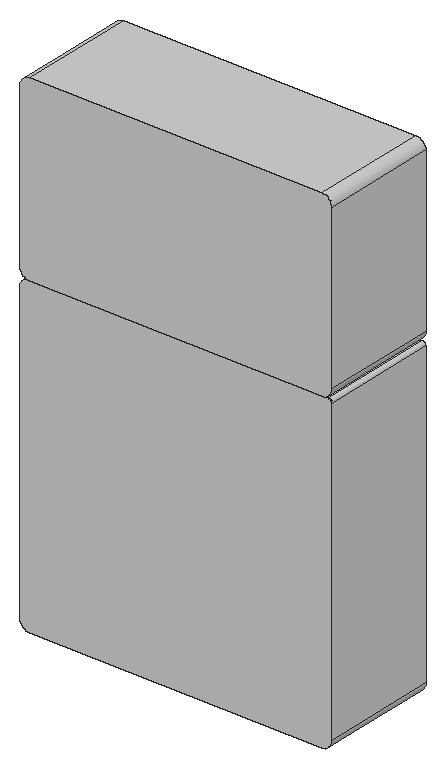
Revit family "Building-IEC309Boards-GEWISS-68QDIN-DISTRIBUTION-BOARD-14MOD_BLANK_DOUBLE", category Attrezzatura elettrica, host Muro, Revit 2016
Family settings
  Host = Muro
  Configurazione quadro = Due colonne, circuiti in orizzontale
  Tipo di parte = Pannello comandi
  Quota connettore circolare = Usa diametro
  Numero OmniClass = 23.80.30.11.17
  Titolo OmniClass = Distribution Boards and Control Panels
  Sempre verticale = Sì
  Taglio con vuoti quando caricato = No
  Condiviso = No
  Punto di calcolo locali = No
Parameters (values of type "GW68007N - Q-DIN 14M.BLIND COV. 510X320X135 IP65")
  potenza = 400 V
  Voltaggio = "400V"
  Vista di pianta [instance] = yes
  Vetro = GEWISS - vetro
  Version type = "Empty"
  Version file RFA = "18.0"
  URL = "https://www.gewiss.com/ww/en"
  Thermo-pressure with ball = "70 °C"
  Technical sheet = "https://www.gewiss.com/ww/en/search?q=GW68007N"
  Struttura = GEWISS - Grigio RAL - 7035
  Simbolo [instance] = yes
  Shock resistance = "IK09"
  SEO = "Board"
  Realized by GEWISS S.p.A. = ""
  Produttore = "GEWISS S.p.A."
  Presa = GEWISS - Grigio RAL - 7035
  Operating temperature: = "-25 +40 °C"
  Offset etichetta nome quadro [instance] = 125 mm
  Numero di poli = 3
  Panel Name [instance] = "NOME"
  No. of provided blank lids = "-"
  No. of modules EN 50022 = "14"
  Modello = "GW68007N"
  Lunghezza = 320 mm
  Insulation class = "II"
  Installation type = "Surface-mounting"
  Immagine tipo = GW68007N.jpg
  IP degree = "IP65"
  IFC.TypeObject = ""
  IFC.ExportType = ""
  IFC.ExportAs = ""
  IDT = "5858c0d8-961a-4254-a97b-2dfffa1f665c"
  IDF = "dbb83824-73e0-496e-9ba5-1c5fa3188cb8"
  Houseable socket = "Blank lid"
  H_da terra = 510 mm
  Glow Wire Test = "650°C"
  Etichetta nome quadro [instance] = yes
  Electrocod = "2242"
  EAN code = "8011564744783"
  Distanza dal muro [instance] = 0 mm
  Dist_Simb_orizz [instance] = 0 mm
  Dispersible power B (W) = "64"
  Dispersible power A (W) = "24"
  Descrizione = "Q-DIN 14M.BLIND COV. 510X320X135 IP65"
  Cornice simbolo [instance] = no
  Colour = "Grey RAL 7035"
  Classificazione carico = Altro
  Catalogue Range = "68 QDIN"
  Catalogue = "BUILDING"
  Carico apparente = 0 VA
  COBie.Tagnumber = ""
  COBie.CreatedOn = ""
  COBie.CreatebBy = ""
  COBie.ComponentRegisterItemID = ""
  COBie.Component.TagNumber = ""
  COBie.Component.Space = ""
  COBie.Component.SerialNumber = ""
  COBie.Component.InstallationDate = ""
  COBie.Component.Description = ""
  COBie.Component.BarCode = ""
  Altezza = 510 mm
  Accordance with Standards = "EN 60208 - EN 60670-1 - IEC 60670-24"
Reference planes
  plane 1 "Muro": y = 0
  plane 2 "Centro (Sinistra/Destra)": x = 125
  plane 3 "Indietro": y = 75
  plane 4: z = 510
  plane 5: y = 200
  plane 6: x = 125
Lines and regions (mm)
  Masking region 1, visible <- "Vista di pianta"
    outline origin (0, 0, 0) x (1, 0, 0) y (0, 1, 0)
      loop
        line (-35, 175) -> (-35, 75) -> (285, 75) -> (285, 175) -> (-35, 175)
  Masking region 2
    outline origin (125, 0, 0) x (0, 1, 0) y (0, 0, 1)
      loop
        line (195, 343) -> (195, 1020) -> (75, 1020) -> (75, 343) -> (195, 343)
  Masking region 3
    outline origin (125, 0, 0) x (0, 1, 0) y (0, 0, 1)
      loop
        line (75, 853) -> (75, 510) -> (155.196, 510) -> (155.196, 853) -> (75, 853)
Text (mm)
  text "Lato posizionamento" at (-1848.837, 1116.779, 0), in view "Livello rif."
  text "Lato posizionamento" at (0, 1409.804, 2854.306), in view "Sinistra"
  text "Lato posizionamento" at (0, 499.811, 2980.732), in view "Destra"
Dimensions and locks
  locked: plane 3 "Indietro" to host wall
  "H_da terra": level to plane 4
  "Offset etichetta nome quadro": plane 3 "Indietro" to plane 5
  "Dist_Simb_orizz": plane 6 to plane 2 "Centro (Sinistra/Destra)"
  aligned and locked: plane 1 "Muro" to host wall
  aligned and locked: nested 1 to plane 3 "Indietro"
  aligned and locked: nested 2 to plane 5
  aligned and locked: plane 6 to nested 3
  aligned and locked: plane 2 "Centro (Sinistra/Destra)" to nested 2
  aligned and locked: Masking region 1 sketch curve to nested 1  (x4)
  aligned and locked: plane 3 "Indietro" to nested 1
  aligned and locked: Masking region 2 sketch curve to nested 1  (x2)
  aligned and locked: host wall to Masking region 2 sketch curve
  aligned and locked: Masking region 3 sketch curve to nested 1  (x3)
  aligned and locked: nested 1 to Masking region 3 sketch curve
  aligned and locked: plane 4 to nested 1
Automatic sketch dimensions
  Masking region 2 sketch curve to plane 4 = 167 mm
Nested families
  nested 1: "QDIN10 QUADRO VUOTO" at (125, 75, -76.883) x (-1, 0, 0) z (0, 0, 1), type "QDIN10 QUADRO VUOTO"
  nested 2: "NOME QUADRO" at (125, 200, 0), TXT <- "Panel Name", visible <- "Etichetta nome quadro", type "NOME QUADRO"
    with TXT "NOME"
  nested 3: "CENTRALINO" at (125, 116.893, 0), Distanza dal muro <- "Distanza dal muro", BORDO ACCESO <- "Cornice simbolo", SIMBOLO ACCESO <- "Simbolo", type "CENTRALINO"
    with SIMBOLO ACCESO yes, Distanza dal muro 0 mm, BORDO ACCESO no
  nested 4: "2D - QDIN14 VUOTO ALTO" at (125, 0, 510) x (-1, 0, 0) z (0, -1, 0), type "BIDIMENSIONALE"
Connectors
  electrical at (125, 135, 510), driven by "Numero di poli", driven by "Classificazione carico", driven by "potenza", driven by "Carico apparente"
    settings: on nested 1, index 1, voltage 400 V, apparent load 0 VA, apparent load phase1 0 VA, apparent load phase2 0 VA, apparent load phase3 0 VA, power factor 1, load classification "Altro", number of poles 3, system type 31, power factor state 1, is connector primary yes, connector utility no, sub classification motor no, connector description ""
Definition of nested family "QDIN10 QUADRO VUOTO"
  Parameters (values of type "QDIN10 QUADRO VUOTO")
    Vetro = none
    Struttura = none
    Spessore = 120 mm
    Default Elevation = 14 mm
    Presa = none
    Lunghezza = 320 mm
    IFC.TypeObject = ""
    IFC.ExportType = ""
    IFC.ExportAs = ""
    H_da terra = 586.883 mm
    COBie.CreatedOn = ""
    COBie.CreatebBy = ""
    COBie.ComponentRegisterItemID = ""
    COBie.Component.TagNumber = ""
    COBie.Component.Space = ""
    COBie.Component.SerialNumber = ""
    COBie.Component.InstallationDate = ""
    COBie.Component.Description = ""
    COBie.Component.BarCode = ""
    Altezza = 510 mm
  Reference planes
    plane 1 "Centro (Fronte/Retro)": y = 0
    plane 2: z = 0
    plane 3 "Centro (Sinistra/Destra)": x = 0
    plane 4 "s": y = -100
    plane 5: z = 586.883
    plane 6: z = 1096.883
    plane 7: x = -160
    plane 8: x = 160
    plane 9: z = 929.883
    plane 10: y = -80.196
    plane 11: x = -157.597
    plane 12: x = 157.589
    plane 13: z = 939.383
    plane 14: z = 1058.347
    plane 15: y = -46.089
    plane 16: y = -87.126
  Forms (mm)
    Extrusion 1, solid, material <- "Struttura"
      sketch origin (0, 0, 0) x (1, 0, 0) y (0, 0, 1)
        loop
          arc (-150, 1096.883) -> (-157.071, 1093.954) -> (-160, 1086.883) r 10
          line (-160, 1086.883) -> (-160, 920.312)
          arc (-160, 920.312) -> (-157.071, 913.241) -> (-150, 910.312) r 10
          line (-150, 910.312) -> (150, 910.312)
          arc (150, 910.312) -> (157.071, 913.241) -> (160, 920.312) r 10
          line (160, 920.312) -> (160, 1086.883)
          arc (160, 1086.883) -> (157.071, 1093.954) -> (150, 1096.883) r 10
          line (150, 1096.883) -> (-150, 1096.883)
      from 0 to 120
    Extrusion 2, solid, material <- "Struttura"
      sketch origin (0, 0, 0) x (1, 0, 0) y (0, 0, 1)
        loop
          line (152.45, 910.312) -> (-156.38, 910.312)
          arc (-156.38, 910.312) -> (-158.94, 909.252) -> (-160, 906.692) r 3.62
          line (-160, 906.692) -> (-160, 596.883)
          arc (-160, 596.883) -> (-157.071, 589.812) -> (-150, 586.883) r 10
          line (-150, 586.883) -> (150, 586.883)
          arc (150, 586.883) -> (157.071, 589.812) -> (160, 596.883) r 10
          line (160, 596.883) -> (160, 902.762)
          arc (160, 902.762) -> (157.789, 908.1) -> (152.45, 910.312) r 7.55
      from 0 to 120
    Extrusion 3, void
      sketch origin (0, 0, 0) x (1, 0, 0) y (0, 0, 1)
        loop
          line (-157.597, 1058.347) -> (-157.597, 939.383) -> (157.589, 939.383) -> (157.589, 1058.347) -> (-157.597, 1058.347)
      from 46.089 to 120
    Extrusion 4, solid, material <- "Vetro", detail levels fine
      sketch origin (0, 0, 0) x (1, 0, 0) y (0, 0, 1)
        loop
          line (-157.597, 1058.347) -> (-157.597, 939.383) -> (157.589, 939.383) -> (157.589, 1058.347) -> (-157.597, 1058.347)
      from 87.126 to 120.5
  Cuts and joins
    Extrusion 3 cuts Extrusion 1
  Dimensions and locks
    plane 4 "s" to plane 1 "Centro (Fronte/Retro)" = 100 mm  (x2)
    "H_da terra": plane 5 to level
    equal spacing: plane 7, plane 3 "Centro (Sinistra/Destra)", plane 8
    "Lunghezza": plane 7 to plane 8
    locked: plane 4 "s" to plane 10 at 19.804
    locked: plane 6 to plane 14 at 38.537
    locked: plane 13 to plane 9 at 9.5
    locked: plane 7 to plane 11 at 2.403
    locked: plane 12 to plane 8 at 2.411
    locked: plane 4 "s" to plane 15 at 53.911
    locked: plane 4 "s" to plane 16 at 12.874
    "Altezza": plane 6 to plane 5
    locked: plane 14 to plane 13 at 118.963
    aligned and locked: level to plane 2
    aligned and locked: Extrusion 1 sketch curve to plane 6
    aligned and locked: Extrusion 1 sketch curve to plane 8
    aligned and locked: Extrusion 1 sketch curve to plane 7
    aligned and locked: Extrusion 2 sketch curve to plane 8
    aligned and locked: Extrusion 2 sketch curve to plane 7
    aligned and locked: Extrusion 2 sketch curve to plane 5
    aligned and locked: Extrusion 3 sketch curve to plane 14
    aligned and locked: plane 12 to Extrusion 3 sketch curve
    aligned and locked: plane 11 to Extrusion 3 sketch curve
    aligned and locked: Extrusion 3 sketch curve to plane 13
    aligned and locked: plane 15 to cut or joined group of Extrusion 1, Extrusion 3
    aligned and locked: Extrusion 4 sketch curve to plane 14
    aligned and locked: plane 12 to Extrusion 4 sketch curve
    aligned and locked: Extrusion 4 sketch curve to plane 13
    aligned and locked: plane 11 to Extrusion 4 sketch curve
    aligned and locked: plane 16 to Extrusion 4
  Automatic sketch dimensions
    Extrusion 1 sketch curve to Extrusion 1 sketch curve = 10 mm  (x2)
    Extrusion 1 sketch curve to plane 7 = 10 mm
    plane 8 to Extrusion 1 sketch curve = 10 mm
    Extrusion 2 sketch curve to Extrusion 2 sketch curve = 3.62 mm
    Extrusion 2 sketch curve to plane 7 = 10 mm
    Extrusion 2 sketch curve to Extrusion 2 sketch curve = 10 mm
    plane 8 to Extrusion 2 sketch curve = 7.55 mm
    plane 13 to Extrusion 1 sketch curve = 19.071 mm
    plane 9 to Extrusion 2 sketch curve = 27.122 mm
Definition of nested family "NOME QUADRO"
  Parameters (values of type "NOME QUADRO")
    TXT [instance] = ""
  Reference planes
    plane 1: y = 0
    plane 2: x = 0
  Text (mm)
    label "NOME QUADRO" at (0.217, 0.029, 0), shows "TXT"
Definition of nested family "CENTRALINO"
  Parameters (values of type "CENTRALINO")
    SIMBOLO ACCESO [instance] = yes
    Distanza dal muro [instance] = 0 mm
    BORDO ACCESO [instance] = yes
  Reference planes
    plane 1: y = 0
    plane 2: x = 0
  Dimensions and locks
    "Distanza dal muro": plane 1 to nested 1
    aligned and locked: plane 2 to nested 1
  Nested families
    nested 1: "CENTRALINO_BASE" at (0, 0, 0), BORDO ACCESO <- "BORDO ACCESO", visible <- "SIMBOLO ACCESO", type "CENTRALINO"
      with BORDO ACCESO yes
  Definition of nested family "CENTRALINO_BASE"
    Parameters (values of type "CENTRALINO")
      Distanza dal muro = 0 mm
      BORDO ACCESO [instance] = yes
    Reference planes
      plane 1: y = 0
      plane 2: x = 0
    Lines and regions (mm)
      detail lines, visible <- "BORDO ACCESO", not visible
        curve 1: line (-2.443, 10.208, 0) -> (2.057, 10.208, 0)
        curve 2: line (2.057, 10.208, 0) -> (2.057, 4.208, 0)
        curve 3: line (2.057, 4.208, 0) -> (-2.443, 4.208, 0)
        curve 4: line (-2.443, 4.208, 0) -> (-2.443, 10.208, 0)
        curve 5: line (-2.043, 9.808, 0) -> (1.657, 9.808, 0)
        curve 6: line (1.657, 9.808, 0) -> (1.657, 4.608, 0)
        curve 7: line (1.657, 4.608, 0) -> (-2.043, 4.608, 0)
        curve 8: line (-2.043, 4.608, 0) -> (-2.043, 9.808, 0)
      detail lines
        curve 9: line (0, 0.905, 0) -> (0, 0.235, 0)
        curve 10: line (0.659, 0.905, 0) -> (0.659, 1.564, 0)
        curve 11: line (0.659, 1.564, 0) -> (-0.659, 1.564, 0)
        curve 12: line (-0.659, 1.564, 0) -> (-0.659, 0.905, 0)
        curve 13: line (-0.659, 0.905, 0) -> (0.659, 0.905, 0)
        curve 14: line (0.497, 1.564, 0) -> (0.497, 2.235, 0)
        curve 15: line (0.167, 1.564, 0) -> (0.167, 2.235, 0)
        curve 16: line (-0.162, 1.564, 0) -> (-0.162, 2.235, 0)
        curve 17: line (-0.491, 1.564, 0) -> (-0.491, 2.235, 0)
Definition of nested family "2D - QDIN14 VUOTO ALTO"
  Reference planes
    plane 1 "Centro (Fronte/Retro)": y = 0
    plane 2: z = 0
    plane 3 "Centro (Sinistra/Destra)": x = 0
  Lines and regions (mm)
    model lines, in view "Livello rif."
      curve 1: line (144.291, 321.977, 0) -> (144.291, 442.197, 0)
      curve 2: line (144.291, 442.197, 0) -> (144.153, 442.928, 0)
      curve 3: line (144.153, 442.928, 0) -> (143.706, 443.612, 0)
      curve 4: line (143.706, 443.612, 0) -> (143.207, 443.975, 0)
      curve 5: line (143.207, 443.975, 0) -> (142.291, 444.197, 0)
      curve 6: line (142.291, 444.197, 0) -> (-142.291, 444.197, 0)
      curve 7: line (-142.291, 444.197, 0) -> (-143.207, 443.975, 0)
      curve 8: line (-143.207, 443.975, 0) -> (-143.706, 443.612, 0)
      curve 9: line (-143.706, 443.612, 0) -> (-144.153, 442.928, 0)
      curve 10: line (-144.153, 442.928, 0) -> (-144.291, 442.197, 0)
      curve 11: line (-144.291, 442.197, 0) -> (-144.291, 321.977, 0)
      curve 12: line (-144.291, 321.977, 0) -> (-144.153, 321.246, 0)
      curve 13: line (-144.153, 321.246, 0) -> (-143.706, 320.563, 0)
      curve 14: line (-143.706, 320.563, 0) -> (-143.207, 320.199, 0)
      curve 15: line (-143.207, 320.199, 0) -> (-142.29, 319.978, 0)
      curve 16: line (-142.29, 319.978, 0) -> (142.29, 319.978, 0)
      curve 17: line (142.29, 319.978, 0) -> (143.207, 320.199, 0)
      curve 18: line (143.207, 320.199, 0) -> (143.706, 320.563, 0)
      curve 19: line (143.706, 320.563, 0) -> (144.153, 321.246, 0)
      curve 20: line (144.153, 321.246, 0) -> (144.291, 321.977, 0)
      curve 21: line (-160, 495, 0) -> (-160, 15, 0)
      curve 22: line (-160, 15, 0) -> (-159.451, 10.981, 0)
      curve 23: line (-159.451, 10.981, 0) -> (-158.144, 7.773, 0)
      curve 24: line (-158.144, 7.773, 0) -> (-155.607, 4.393, 0)
      curve 25: line (-155.607, 4.393, 0) -> (-152.763, 2.165, 0)
      curve 26: line (-152.763, 2.165, 0) -> (-149.387, 0.656, 0)
      curve 27: line (-149.387, 0.656, 0) -> (-145, 0, 0)
      curve 28: line (-145, 0, 0) -> (145, 0, 0)
      curve 29: line (145, 0, 0) -> (149.387, 0.656, 0)
      curve 30: line (149.387, 0.656, 0) -> (152.763, 2.165, 0)
      curve 31: line (152.763, 2.165, 0) -> (155.607, 4.393, 0)
      curve 32: line (155.607, 4.393, 0) -> (158.144, 7.773, 0)
      curve 33: line (158.144, 7.773, 0) -> (159.451, 10.981, 0)
      curve 34: line (159.451, 10.981, 0) -> (160, 15, 0)
      curve 35: line (160, 15, 0) -> (160, 495, 0)
      curve 36: line (160, 495, 0) -> (159.451, 499.019, 0)
      curve 37: line (159.451, 499.019, 0) -> (158.144, 502.227, 0)
      curve 38: line (158.144, 502.227, 0) -> (155.607, 505.607, 0)
      curve 39: line (155.607, 505.607, 0) -> (152.763, 507.835, 0)
      curve 40: line (152.763, 507.835, 0) -> (149.387, 509.344, 0)
      curve 41: line (149.387, 509.344, 0) -> (145, 510, 0)
      curve 42: line (145, 510, 0) -> (-145, 510, 0)
      curve 43: line (-145, 510, 0) -> (-149.387, 509.344, 0)
      curve 44: line (-149.387, 509.344, 0) -> (-152.763, 507.835, 0)
      curve 45: line (-152.763, 507.835, 0) -> (-155.607, 505.607, 0)
      curve 46: line (-155.607, 505.607, 0) -> (-158.144, 502.227, 0)
      curve 47: line (-158.144, 502.227, 0) -> (-159.451, 499.019, 0)
      curve 48: line (-159.451, 499.019, 0) -> (-160, 495, 0)
      curve 49: line (-126, 417.5, 0) -> (126, 417.5, 0)
      curve 50: line (126, 417.5, 0) -> (126, 372.5, 0)
      curve 51: line (126, 372.5, 0) -> (-126, 372.5, 0)
      curve 52: line (-126, 372.5, 0) -> (-126, 417.5, 0)
      curve 53: line (-144.291, 342.498, 0) -> (144.291, 342.498, 0)
      curve 54: line (54.546, 338.911, 0) -> (55, 340.35, 0)
      curve 55: line (55, 340.35, 0) -> (55, 342.498, 0)
      curve 56: line (55, 342.498, 0) -> (55, 344.756, 0)
      curve 57: line (55, 344.756, 0) -> (53.799, 346.528, 0)
      curve 58: line (53.799, 346.528, 0) -> (51.988, 347.805, 0)
      curve 59: line (51.988, 347.805, 0) -> (49.23, 349.195, 0)
      curve 60: line (49.23, 349.195, 0) -> (46.338, 350.082, 0)
      curve 61: line (46.338, 350.082, 0) -> (43.973, 350.433, 0)
      curve 62: line (43.973, 350.433, 0) -> (42.5, 350.493, 0)
      curve 63: line (42.5, 350.493, 0) -> (-42.5, 350.493, 0)
      curve 64: line (-42.5, 350.493, 0) -> (-43.973, 350.433, 0)
      curve 65: line (-43.973, 350.433, 0) -> (-46.338, 350.082, 0)
      curve 66: line (-46.338, 350.082, 0) -> (-49.23, 349.195, 0)
      curve 67: line (-49.23, 349.195, 0) -> (-51.988, 347.805, 0)
      curve 68: line (-51.988, 347.805, 0) -> (-53.799, 346.528, 0)
      curve 69: line (-53.799, 346.528, 0) -> (-55, 344.756, 0)
      curve 70: line (-55, 344.756, 0) -> (-55, 342.498, 0)
      curve 71: line (-55, 342.498, 0) -> (-55, 340.35, 0)
      curve 72: line (-55, 340.35, 0) -> (-54.546, 338.911, 0)
      curve 73: line (42.5, 332.128, 0) -> (9.776, 332.128, 0)
      curve 74: line (9.776, 332.128, 0) -> (8.737, 336.007, 0)
      curve 75: line (54.546, 338.911, 0) -> (56.087, 338.911, 0)
      curve 76: line (56.087, 338.911, 0) -> (56.37, 338.743, 0)
      curve 77: line (56.37, 338.743, 0) -> (54.182, 336.22, 0)
      curve 78: line (54.182, 336.22, 0) -> (50.802, 334.021, 0)
      curve 79: line (50.802, 334.021, 0) -> (47.801, 332.819, 0)
      curve 80: line (47.801, 332.819, 0) -> (45.226, 332.293, 0)
      curve 81: line (45.226, 332.293, 0) -> (42.5, 332.128, 0)
      curve 82: line (-54.182, 336.22, 0) -> (-50.802, 334.021, 0)
      curve 83: line (-50.802, 334.021, 0) -> (-47.801, 332.819, 0)
      curve 84: line (-47.801, 332.819, 0) -> (-45.226, 332.293, 0)
      curve 85: line (-45.226, 332.293, 0) -> (-42.5, 332.128, 0)
      curve 86: line (-42.5, 332.128, 0) -> (-9.776, 332.128, 0)
      curve 87: line (-9.776, 332.128, 0) -> (-8.737, 336.007, 0)
      curve 88: line (-54.546, 338.911, 0) -> (-56.087, 338.911, 0)
      curve 89: line (-56.087, 338.911, 0) -> (-56.37, 338.743, 0)
      curve 90: line (-56.37, 338.743, 0) -> (-54.182, 336.22, 0)
      curve 91: line (0.01, 321.82, 0) -> (-4.782, 323.104, 0)
      curve 92: line (-4.782, 323.104, 0) -> (-8.289, 326.612, 0)
      curve 93: line (-8.289, 326.612, 0) -> (-9.573, 331.403, 0)
      curve 94: line (-9.573, 331.403, 0) -> (-8.289, 336.195, 0)
      curve 95: line (-8.289, 336.195, 0) -> (-4.782, 339.703, 0)
      curve 96: line (-4.782, 339.703, 0) -> (0.01, 340.987, 0)
      curve 97: line (0.01, 340.987, 0) -> (4.802, 339.703, 0)
      curve 98: line (4.802, 339.703, 0) -> (8.309, 336.195, 0)
      curve 99: line (8.309, 336.195, 0) -> (9.593, 331.403, 0)
      curve 100: line (9.593, 331.403, 0) -> (8.309, 326.612, 0)
      curve 101: line (8.309, 326.612, 0) -> (4.802, 323.104, 0)
      curve 102: line (4.802, 323.104, 0) -> (0.01, 321.82, 0)
